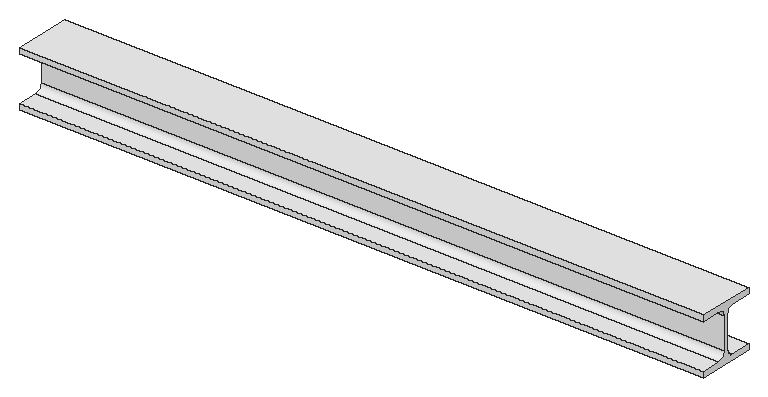
Revit family "VFL - Vigas com flange largo", category Quadro estrutural, Revit 2019
Family settings
  Arredondamento do comprimento do framing estrutural = 1 mm
  Forma do corte = Não definido
  Material para o comportamento do modelo = Aço
  Exportar sempre como geometria = Não
  Sempre na vertical = Sim
  Corte com vazios quando carregada = Não
  Representação simbólica = Das configurações de projeto
  Compartilhado = Não
  Exibir o pré-corte da família na vista da planta = Sim
Parameters (values of type "HEB 100")
  d1 = h - 2 * tf  # 80 mm
  W = 0.0204
  Type Comments = ""
  Structural Material [instance] = Metal - Aço 345 MPa
  Assembly Code = ""
  Length [instance] = 1500 mm
  b = 100 mm
  h = 100 mm
  r1 = 12 mm
  tf = 10 mm
  tw = 6 mm
  A = 0.003 m²
Reference planes
  plane 1 "Centro (Frente/Trás)": y = 0
  plane 2: z = 0
  plane 3 "Centro (Esquerda/Direita)": x = 4.61
  plane 4 "Membro esquerdo": x = -604.99
  plane 5 "Membro direito": x = 614.21
  plane 6: y = 50
  plane 7: y = -50
  plane 8 "Superior": z = 50
  plane 9: z = -50
  plane 10 "Esquerda": x = -757.39
  plane 11 "Direita": x = 742.61
  plane 12: z = 40
  plane 13: z = -40
Forms (mm)
  Sweep 1, solid, material "Metal - Aço 345 MPa" <- "Structural Material", detail levels medium
    path origin (0, 0, 0) x (1, 0, 0) y (0, 1, 0)
      loop
        line (614.21, 0) -> (-604.99, 0)
    profile "HE - Perfil - Médio : HE - Perfil - Médio" origin (4.61, 0, 0) x (0, -1, 0) y (0, 0, 1)
      loop
        line (-50, -50) -> (50, -50) -> (50, -40) -> (3, -40) -> (3, 40) -> (50, 40) -> (50, 50) -> (-50, 50) -> (-50, 40) -> (-3, 40) -> (-3, -40) -> (-50, -40) -> (-50, -50)
  Sweep 2, solid, material "Metal - Aço 345 MPa" <- "Structural Material", detail levels fine
    path origin (0, 0, 0) x (1, 0, 0) y (0, 1, 0)
      loop
        line (614.21, 0) -> (-604.99, 0)
    profile "HE - Perfil - Alto : HE - Perfil - Alto" origin (4.61, 0, 0) x (0, -1, 0) y (0, 0, 1)
      loop
        line (-50, -50) -> (50, -50) -> (50, -40) -> (15, -40)
        arc (15, -40) -> (6.515, -36.485) -> (3, -28) r 12
        line (3, -28) -> (3, 28)
        arc (3, 28) -> (6.515, 36.485) -> (15, 40) r 12
        line (15, 40) -> (50, 40) -> (50, 50) -> (-50, 50) -> (-50, 40) -> (-15, 40)
        arc (-15, 40) -> (-6.515, 36.485) -> (-3, 28) r 12
        line (-3, 28) -> (-3, -28)
        arc (-3, -28) -> (-6.515, -36.485) -> (-15, -40) r 12
        line (-15, -40) -> (-50, -40) -> (-50, -50)
Lines and regions (mm)
  symbolic lines, style "Faces ocultas", detail levels medium+fine
    curve 1: line (614.21, -3, 0) -> (-604.99, -3, 0)
    curve 2: line (614.21, 3, 0) -> (-604.99, 3, 0)
  symbolic lines, style "Símbolos de vara", detail levels coarse
    curve 3: line (4.61, 50, 50) -> (4.61, -50, 50)
    curve 4: line (4.61, -50, -50) -> (4.61, 50, -50)
    curve 5: line (4.61, 0, 50) -> (4.61, 0, -50)
Dimensions and locks
  "b": plane 6 to plane 7
  "h": plane 9 to plane 8 "Superior"
  equal spacing: plane 9, plane 2, plane 8 "Superior"
  equal spacing: plane 6, plane 1 "Centro (Frente/Trás)", plane 7
  "Length": plane 10 "Esquerda" to plane 11 "Direita"
  "tw": curve 2 to curve 1
  equal spacing: curve 2, plane 1 "Centro (Frente/Trás)", curve 1
  equal spacing: plane 12, plane 2, plane 13
  "d1": plane 12 to plane 13
  aligned and locked: Sweep 1 sketch curve to plane 1 "Centro (Frente/Trás)"
  aligned and locked: Sweep 2 sketch curve to plane 1 "Centro (Frente/Trás)"
  aligned and locked: Sweep 2 to curve 3  (x2)
  aligned and locked: Sweep 2 to curve 4  (x2)
  aligned and locked: curve 3 to Sweep 2
  aligned and locked: curve 4 to Sweep 2
  aligned and locked: plane 4 "Membro esquerdo" to Sweep 1 sketch curve
  aligned and locked: plane 5 "Membro direito" to Sweep 1 sketch curve
  aligned and locked: plane 4 "Membro esquerdo" to Sweep 2 sketch curve
  aligned and locked: plane 5 "Membro direito" to Sweep 2 sketch curve
  aligned and locked: plane 4 "Membro esquerdo" to curve 1
  aligned and locked: plane 5 "Membro direito" to curve 1
  aligned and locked: plane 4 "Membro esquerdo" to curve 2
  aligned and locked: plane 5 "Membro direito" to curve 2
Automatic sketch dimensions
  curve 5 to plane 1 "Centro (Frente/Trás)" = 0 mm
Types in the file's own list only (17): name | d1 | W | b | h | r1 | tf | tw | A
  HEB 120 | 98 mm | 0.0267 | 120 mm | 120 mm | 12 mm | 11 mm | 7 mm | 0.00 m²
  HEB 140 | 116 mm | 0.0337 | 140 mm | 140 mm | 12 mm | 12 mm | 7 mm | 0.00 m²
  HEB 160 | 134 mm | 0.0426 | 160 mm | 160 mm | 15 mm | 13 mm | 8 mm | 0.01 m²
  HEB 180 | 152 mm | 0.0512 | 180 mm | 180 mm | 15 mm | 14 mm | 9 mm | 0.01 m²
  HEB 200 | 170 mm | 0.0613 | 200 mm | 200 mm | 18 mm | 15 mm | 9 mm | 0.01 m²
  HEB 220 | 188 mm | 0.0715 | 220 mm | 220 mm | 18 mm | 16 mm | 10 mm | 0.01 m²
  HEB 240 | 206 mm | 0.0832 | 240 mm | 240 mm | 21 mm | 17 mm | 10 mm | 0.01 m²
  HEB 260 | 225 mm | 0.093 | 260 mm | 260 mm | 24 mm | 18 mm | 10 mm | 0.01 m²
  HEB 280 | 244 mm | 0.103 | 280 mm | 280 mm | 24 mm | 18 mm | 11 mm | 0.01 m²
  HEB 300 | 262 mm | 0.117 | 300 mm | 300 mm | 27 mm | 19 mm | 11 mm | 0.01 m²
  HEB 320 | 279 mm | 0.127 | 300 mm | 320 mm | 27 mm | 21 mm | 12 mm | 0.02 m²
  HEB 340 | 297 mm | 0.134 | 300 mm | 340 mm | 27 mm | 22 mm | 12 mm | 0.02 m²
  HEB 360 | 315 mm | 0.142 | 300 mm | 360 mm | 27 mm | 23 mm | 13 mm | 0.02 m²
  HEB 400 | 352 mm | 0.155 | 300 mm | 400 mm | 27 mm | 24 mm | 14 mm | 0.02 m²
  HEB 450 | 398 mm | 0.171 | 300 mm | 450 mm | 27 mm | 26 mm | 14 mm | 0.02 m²
  HEB 500 | 444 mm | 0.187 | 300 mm | 500 mm | 27 mm | 28 mm | 15 mm | 0.02 m²
  HEB 550 | 492 mm | 0.199 | 300 mm | 550 mm | 27 mm | 29 mm | 15 mm | 0.03 m²
